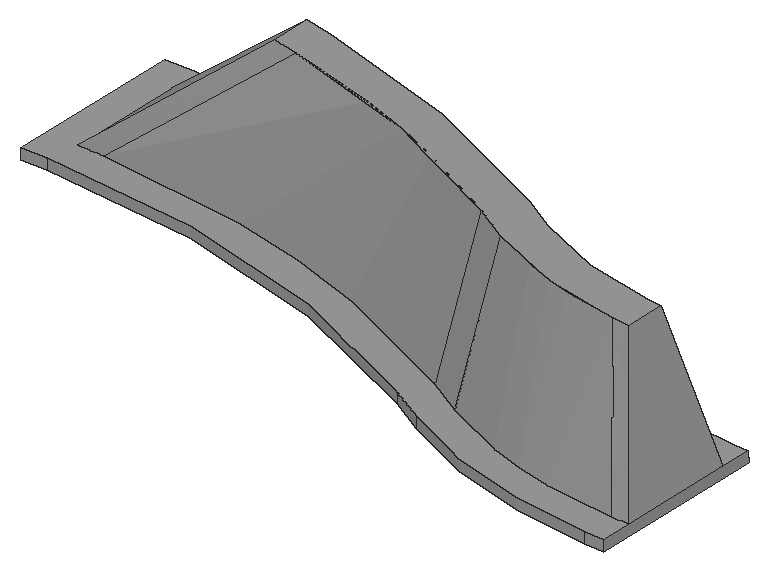
Revit family "Door_Protection-Construction_Specialties-Lever_Protector-DNP-10N", category Specialty Equipment, host Face, Revit 2017
Family settings
  Host = Face
  Round Connector Dimension = Use Diameter
  Part Type = Normal
  OmniClass Number = 23.30.10.11.34
  OmniClass Title = Door Accessories
  Cut with Voids When Loaded = No
  Shared = No
  Room Calculation Point = No
Parameters (values of type "DNP-10N")
  URL = "https://www.c-sgroup.com/"
  Product Page URL = "https://www.c-sgroup.com/acrovyn-wall-protection/door-and-frame-protection/door-knob-and-lever-protectors"
  Product Documentation Link = "https://www.c-sgroup.com/files/tech-center/acrovyn/cad/pdf/dnp-10.pdf"
  Model = "DNP-10N"
  Manufacturer = "Construction Specialties"
  Description = "Acrovyn Door Knob & Lever Protector"
  Default Elevation = 4' - 0"
  Cover Finish [instance] = Plastic - Construction Specialties - Acrovym - Suede - 162 Charcoal
  Assembly Code = "C1020410"
Reference planes (in)
  plane 1 "Center (Front/Back)": y = 0
  plane 2 "Base": z = 0
  plane 3 "Center (Left/Right)": x = 0
  plane 4 "Base Plate": z = 0.25
  plane 5: z = 3.75
Forms (in)
  Extrusion 1, solid, material "Plastic - Construction Specialties - Acrovym - Suede - 162 Charcoal" <- "Cover Finish"
    sketch origin (-17.00213, 0, 0) x (-1, 0, 0) y (0, -1, 0)
      loop
        arc (-10.56503, -2.27677) -> (-11.00918, -2.00978) -> (-11.45834, -1.75129) r 27.23709
        arc (-11.45834, -1.75129) -> (-13.92095, -0.73186) -> (-16.55547, -0.32812) r 11.11259
        line (-16.55547, -0.32812) -> (-17.00213, -0.31936) -> (-17.00213, -4.57573) -> (-16.64743, -4.58011)
        arc (-16.64743, -4.58011) -> (-15.08149, -4.82499) -> (-13.6128, -5.42088) r 6.89705
        arc (-13.6128, -5.42088) -> (-13.17122, -5.67076) -> (-12.737, -5.93322) r 17.66251
        arc (-12.737, -5.93322) -> (-6.66085, -8.45182) -> (-0.14305, -9.33568) r 25.54884
        line (-0.14305, -9.33568) -> (0.51817, -9.33131) -> (0.51817, -5.07494) -> (-0.0905, -5.08369)
        arc (-0.0905, -5.08369) -> (-5.50913, -4.35702) -> (-10.56503, -2.27677) r 21.32933
    from 0 to 0.25
  Blend 2, solid, material "Plastic - Construction Specialties - Acrovym - Suede - 162 Charcoal" <- "Cover Finish"
    base sketch origin (-17.00213, 0, 0.25) x (1, 0, 0) y (0, 1, 0)
      loop
        line (17.00213, 3.82693) -> (16.64305, 3.83131)
        arc (16.64305, 3.83131) -> (14.87746, 4.10321) -> (13.22307, 4.77717) r 7.65035
        arc (13.22307, 4.77717) -> (12.78234, 5.04035) -> (12.33851, 5.29826) r 43.13708
        arc (12.33851, 5.29826) -> (6.81837, 7.62897) -> (0.90062, 8.56936) r 24.82901
        line (0.90062, 8.56936) -> (0.23501, 8.5825) -> (0.23501, 5.8325) -> (0.85683, 5.81498)
        arc (0.85683, 5.81498) -> (6.0757, 4.97835) -> (10.946, 2.92486) r 22.07028
        arc (10.946, 2.92486) -> (11.3881, 2.66772) -> (11.82617, 2.40376) r 33.00334
        arc (11.82617, 2.40376) -> (14.12592, 1.45252) -> (16.58613, 1.07693) r 10.36435
        line (16.58613, 1.07693) -> (17.00213, 1.07255) -> (17.00213, 3.82693)
    top sketch origin (-17.00213, 0, 0.25) x (1, 0, 0) y (0, 1, 0)
      loop
        line (16.24894, 2.94237) -> (15.88549, 2.98178)
        arc (15.88549, 2.98178) -> (14.26974, 3.33768) -> (12.75452, 4.00209) r 8.43627
        arc (12.75452, 4.00209) -> (12.31192, 4.25618) -> (11.87434, 4.51881) r 26.3064
        arc (11.87434, 4.51881) -> (8.60344, 6.07514) -> (5.13509, 7.11992) r 23.92891
        line (5.13509, 7.11992) -> (4.487, 7.25129) -> (4.487, 6.29667) -> (5.09568, 6.1653)
        arc (5.09568, 6.1653) -> (8.34966, 5.16689) -> (11.41893, 3.69556) r 22.81852
        arc (11.41893, 3.69556) -> (11.85865, 3.43282) -> (12.30348, 3.17884) r 25.88538
        arc (12.30348, 3.17884) -> (14.01408, 2.43477) -> (15.83732, 2.0403) r 9.47388
        line (15.83732, 2.0403) -> (16.24894, 2.00089) -> (16.24894, 2.94237)
    from 0 to 3.5
Lines and regions (in)
  symbolic lines, detail levels medium+fine
    curve 1: line (-0.90062, 0, 0.25) -> (-5.13509, 0, 3.75)
  model lines, detail levels medium+fine
    curve 2: circle (-1.518, 4.3405, 0.25) r 0.34063 normal (0, 0, -1)
    curve 3: circle (-11.90285, 8.43313, 0.25) r 0.34063 normal (0, 0, -1)
    curve 4: circle (-1.52643, 0.78875, 0.25) r 0.34063 normal (0, 0, -1)
    curve 5: circle (-17.14508, 7.20163, 0.25) r 0.34063 normal (0, 0, -1)
    curve 6: circle (-11.90285, 4.84352, 0.25) r 0.34063 normal (0, 0, -1)
Dimensions and locks (in)
  locked: plane 4 "Base Plate" to plane 2 "Base" at 0.25
  locked: plane 5 to plane 4 "Base Plate" at 3.5
  locked: Extrusion 1 sketch curve to Extrusion 1 sketch curve at 17.5203
  Extrusion 1 sketch curve to Extrusion 1 sketch curve to Extrusion 1 sketch curve to Extrusion 1 sketch curve to Extrusion 1 sketch curve to Extrusion 1 sketch curve to Extrusion 1 sketch curve to Extrusion 1 sketch curve to Extrusion 1 sketch curve to Extrusion 1 sketch curve = 0' - 0.00438" locked, 0' - 3.91043" locked, 0' - 0.33718" locked, 0' - 0.00876" locked, 0' - 0.49482" locked, 0' - 0.00438" locked, 0' - 2.82444" locked, 0' - 1.42317" locked, 0' - 0.00876" locked
  locked: Blend 2 sketch curve to Blend 2 sketch curve at 16.76712
  Blend 2 sketch curve to Blend 2 sketch curve to Blend 2 sketch curve to Blend 2 sketch curve to Blend 2 sketch curve to Blend 2 sketch curve to Blend 2 sketch curve to Blend 2 sketch curve to Blend 2 sketch curve to Blend 2 sketch curve to Blend 2 sketch curve = 0' - 0.01314" locked, 0' - 2.73686" locked, 0' - 0.01752" locked, 0' - 0.51672" locked, 0' - 1.46696" locked, 0' - 0.00438" locked, 0' - 0.90207" locked, 0' - 0.5211" locked, 0' - 1.32683" locked, 0' - 0.00438" locked
  locked: Blend 2 sketch curve to Blend 2 sketch curve at 11.76194
  Blend 2 sketch curve to Blend 2 sketch curve to Blend 2 sketch curve to Blend 2 sketch curve to Blend 2 sketch curve to Blend 2 sketch curve to Blend 2 sketch curve to Blend 2 sketch curve to Blend 2 sketch curve to Blend 2 sketch curve = 0' - 0.13137" locked, 0' - 0.82325" locked, 0' - 0.13137" locked, 0' - 1.6465" locked, 0' - 0.82325" locked, 0' - 0.71377" locked, 0' - 0.03941" locked, 0' - 0.90207" locked, 0' - 0.03941" locked
  aligned and locked: plane 2 "Base" to host face
  aligned and locked: level to host face
